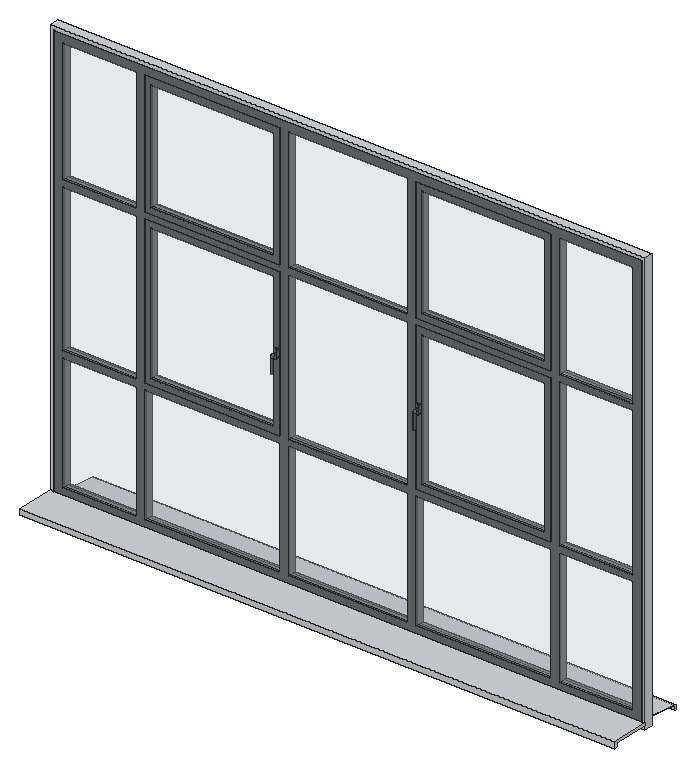
Revit family "AVLN_Окно_Две Фрамуга_5 створок", category Окна, Revit 2021
Family settings
  Основа = Стена
  Номер OmniClass = 23.30.20.00
  Заголовок OmniClass = Windows
  Всегда вертикально = Да
  При загрузке вырезать с полостями = Нет
  Общий = Нет
  Точка принадлежности помещению = Нет
Parameters (values of type "ОК-8 3450х4850")
  Ширина рамы = 70 mm
  Ширина импоста = 50 mm
  Четверть слева/справа = 50 mm
  Четверть низ = 0 mm  # constant formula
  Четверть верх = 50 mm
  Створка_снизу_высота = 950 mm
  Створка_центр_ширина = Width - ((Монтажный зазор * 2) + (Ширина рамы * 6) + Створка_слева_ширина + Створка_справа_ширина + Створка_лево центр_ширина + Створка_право центр_ширина)  # 970 mm
  Створка_сверху_высота = 1000 mm
  Рабочая зона = yes
  Определить тепловые свойства по = Тип схем
  Низ центр открывание = АВЛН_Створка открывная : Створка глухая
  Низ право центр открывание = АВЛН_Створка открывная : Створка глухая
  Низ право открывание = АВЛН_Створка открывная : Створка глухая
  Низ лево центр открывание = АВЛН_Створка открывная : Створка глухая
  Низ лево открывание = АВЛН_Створка открывная : Створка глухая
  Створка_толщина = 25 mm  # constant formula
  Толщина основы [instance] = 200 mm
  Створка_право центр_ширина = 1100 mm
  Створка_справа_ширина = 600 mm
  Створка_слева_ширина = 600 mm
  Створка_профиль = 50 mm
  Створка_лево центр_ширина = 1100 mm
  Створка_центр_высота = Height - (Створка_снизу_высота + Створка_сверху_высота + (Ширина рамы * 2) + Ширина импоста * 2 + (Монтажный зазор * 2))  # 1200 mm
  Центр центр открывание = АВЛН_Створка открывная : Створка глухая
  Центр право открывание = АВЛН_Створка открывная : Створка глухая
  Центр лево центр открывание = АВЛН_Створка открывная : Створка повороно-откидная левая
  Центр лево открывание = АВЛН_Створка открывная : Створка глухая
  Центр право центр открывание = АВЛН_Створка открывная : Створка повороно-откидная правая
  Rough Width = Width - Монтажный зазор * 2  # 4790 mm
  Rough Height = Height - Монтажный зазор * 2  # 3390 mm
  Подстановочный профиль_Ширина = 20 mm  # constant formula
  Подстановочный профиль_Толщина = 60 mm
  Подоконник_Толщина = 20 mm
  Подоконник_Длина = Width  # 4850 mm
  Подоконник_Глубина = 280 mm
  Подоконник = yes
  М.Заполнение нижней створки = ADSK_Стекло_Прозрачное бесцветное_закалённое
  Группа модели = "Окно"
  Глубина вставки = 0 mm
  Отлив_Толщина = 1 mm  # constant formula
  Отлив_Длина = Width - [Четверть слева/справа] * 2  # 4750 mm
  Отлив_Глубина = 280 mm
  Отлив = yes
  Откос_Н.Ширина = Width - 2 * [Четверть слева/справа]  # 4750 mm
  Откос_Н.Толщина.8 = 32 mm
  Откос_Н.Толщина.7 = 28 mm
  Откос_Н.Толщина.6 = 24 mm
  Откос_Н.Толщина.5 = 20 mm
  Откос_Н.Толщина.4 = 16 mm
  Откос_Н.Толщина.3 = 12 mm
  Откос_Н.Толщина.2 = 8 mm
  Откос_Н.Толщина.1 = 4 mm
  Откос_Н.Отступ_П = 0 mm  # constant formula
  Откос_Н.Отступ_Л = 0 mm  # constant formula
  Откос_Н.Количество слоев = 0
  Откос_Н.Глубина = 150 mm
  Откос_Н.Высота = Height - Четверть верх - Четверть низ  # 3400 mm
  Откос_В.Толщина.8 = 32 mm
  Откос_В.Толщина.7 = 28 mm
  Откос_В.Толщина.6 = 24 mm
  Откос_В.Толщина.5 = 20 mm
  Откос_В.Толщина.4 = 16 mm
  Откос_В.Толщина.3 = 12 mm
  Откос_В.Толщина.2 = 8 mm
  Откос_В.Толщина.1 = 4 mm
  Откос_В.Отступ_П [instance] = Монтажный зазор + Подоконник_Толщина  # 50 mm
  Откос_В.Отступ_Л [instance] = Монтажный зазор + Подоконник_Толщина  # 50 mm
  Откос_В.Количество слоев = 0
  Откос_В.Глубина [instance] = Толщина основы - Глубина вставки - Ширина рамы  # 130 mm
  Монтажный зазор = 30 mm
  М.Подоконник = none
  М.Отлив = none
  М.Откос_Н.8 = none
  М.Откос_Н.7 = none
  М.Откос_Н.6 = none
  М.Откос_Н.5 = none
  М.Откос_Н.4 = none
  М.Откос_Н.3 = none
  М.Откос_Н.2 = none
  М.Откос_Н.1 = ADSK_Кладка_Кирпич_Облицовочный_Керамический коричневый
  М.Откос_В.8 = none
  М.Откос_В.7 = none
  М.Откос_В.6 = none
  М.Откос_В.5 = none
  М.Откос_В.4 = none
  М.Откос_В.3 = none
  М.Откос_В.2 = none
  М.Откос_В.1 = Панель фиброцементная (RAL 7015)
  М.Монтажного зазора = none
  М.Стекла = ADSK_Стекло_Прозрачное бесцветное
  М.Рамы = RAL 7016
  М.Подоконный профиль = none
  Type Comments = ""
  Height = 3450 mm
  Высота подоконника по умолчанию = 800 mm
  Замыкание стены = По основе
  Width = 4850 mm
  Верху право центр открывание = АВЛН_Створка открывная : Створка откидная
  Верх центр открывание = АВЛН_Створка открывная : Створка глухая
  Верх право открывание = АВЛН_Створка открывная : Створка глухая
  Верх лево центр открывание = АВЛН_Створка открывная : Створка откидная
  Верх лево открывание = АВЛН_Створка открывная : Створка глухая
  Аналитическая конструкция = "<Нет>"
  АВЛН_Проем_Ширина [instance] = Width  # 4850 mm
  АВЛН_Проем_Высота [instance] = Height  # 3450 mm
  ADSK_Этаж [instance] = ""
  ADSK_Размер_Ширина = Width  # 4850 mm
  ADSK_Размер_Высота = Height  # 3450 mm
  ADSK_Примечание [instance] = ""
  ADSK_Обозначение = "ГОСТ 30674-99"
  ADSK_Номер секции [instance] = ""
  ADSK_Наименование = "ОП Б2 (4М1-12-4М1-12-И4)"
  ADSK_Марка = ""
  ADSK_Группирование = ""
  -----------Разрезка----------- = "-----------"  # constant formula
  -----------Профили----------- = "-----------"  # constant formula
  -----------Подоконник----------- = "-----------"  # constant formula
  -----------Отлив----------- = "-----------"  # constant formula
  -----------Откос----------- = "-----------"  # constant formula
  -----------Основные габариты----------- = "-----------"  # constant formula
  -----------Вставка----------- = "-----------"  # constant formula
Reference planes
  plane 1 "По центру (Вперед/Назад)": y = 0
  plane 2 "По центру (Влево/Вправо)": x = 0
  plane 3 "Слева": x = -2425
  plane 4 "Справа": x = 2425
  plane 5 "Подоконник": z = 800
  plane 6 "Заголовок": z = 4250
  plane 7 "Наружный": y = 100
  plane 8 "Внутренние": y = -100
  plane 9 "Окно": y = 100
  plane 10: x = 2395
  plane 11: z = 4220
  plane 12: x = -2395
  plane 13: z = 830
  plane 14: x = 2375
  plane 15: x = -2375
  plane 16: z = 2525
  plane 17: y = 600
  plane 18: y = -400
  plane 19: z = 4200
  plane 20 "Чет. низ": z = 800
  plane 21 "Внутренняя грань": y = 30
  plane 22: y = 80
  plane 23 "Импост верх": z = 1900
  plane 24 "Импост низ": z = 1850
  plane 25: z = 900
  plane 26: z = 4150
  plane 27: x = -2325
  plane 28: x = 2325
  plane 29 "4": z = 1875
  plane 30 "5": x = -1725
  plane 31 "6": x = -1655
  plane 32 "7": x = 1655
  plane 33 "8": x = 1725
  plane 34 "9": x = -520
  plane 35 "10": x = 2025
  plane 36 "11": x = -2025
  plane 37 "12": z = 2500
  plane 38 "13": x = -1105
  plane 39 "14": x = 1105
  plane 40 "15": x = -555
  plane 41 "16": x = -485
  plane 42: z = 1375
  plane 43 "18": x = 520
  plane 44 "19": x = 485
  plane 45 "20": x = 555
  plane 46 "0": x = 0
  plane 47 "1": z = 3150
  plane 48 "2": z = 3100
  plane 49 "3": z = 3125
  plane 50 "17": z = 3650
  plane 51: y = -1070
Forms (mm)
  Extrusion 1, void
    sketch origin (0, 100, 0) x (1, 0, 0) y (0, 0, 1)
      loop
        line (2375, 4200) -> (-2375, 4200) -> (-2375, 800) -> (2375, 800) -> (2375, 4200)
    from -500 to 20
  Extrusion 2, void
    sketch origin (0, 100, 0) x (1, 0, 0) y (0, 0, 1)
      loop
        line (2425, 4250) -> (-2425, 4250) -> (-2425, 800) -> (2425, 800) -> (2425, 4250)
    from 0 to 500
  Extrusion 3, solid, material <- "М.Монтажного зазора", detail levels medium+fine
    sketch origin (0, 100, 0) x (1, 0, 0) y (0, 0, 1)
      loop
        line (2425, 4250) -> (-2425, 4250) -> (-2425, 800) -> (2425, 800) -> (2425, 4250)
      loop
        line (-2395, 4220) -> (-2395, 830) -> (2395, 830) -> (2395, 4220) -> (-2395, 4220)
    from 0 to 70
  Extrusion 4, solid, material "RAL 7016" <- "М.Рамы", detail levels medium+fine
    sketch origin (0, 100, 0) x (-1, 0, 0) y (0, 0, 1)
      loop
        line (-2395, 4220) -> (-2395, 830) -> (2395, 830) -> (2395, 4220) -> (-2395, 4220)
      loop
        line (1655, 900) -> (1655, 1850) -> (555, 1850) -> (555, 900) -> (1655, 900)
      loop
        line (-1655, 900) -> (-555, 900) -> (-555, 1850) -> (-1655, 1850) -> (-1655, 900)
      loop
        line (-1725, 4150) -> (-2325, 4150) -> (-2325, 3150) -> (-1725, 3150) -> (-1725, 4150)
      loop
        line (-1725, 900) -> (-1725, 1850) -> (-2325, 1850) -> (-2325, 900) -> (-1725, 900)
      loop
        line (1655, 1900) -> (1655, 3100) -> (555, 3100) -> (555, 1900) -> (1655, 1900)
      loop
        line (-1725, 1900) -> (-1725, 3100) -> (-2325, 3100) -> (-2325, 1900) -> (-1725, 1900)
      loop
        line (-1655, 1900) -> (-555, 1900) -> (-555, 3100) -> (-1655, 3100) -> (-1655, 1900)
      loop
        line (1655, 4150) -> (555, 4150) -> (555, 3150) -> (1655, 3150) -> (1655, 4150)
      loop
        line (485, 1900) -> (485, 3100) -> (-485, 3100) -> (-485, 1900) -> (485, 1900)
      loop
        line (485, 1850) -> (-485, 1850) -> (-485, 900) -> (485, 900) -> (485, 1850)
      loop
        line (485, 4150) -> (-485, 4150) -> (-485, 3150) -> (485, 3150) -> (485, 4150)
      loop
        line (1725, 4150) -> (1725, 3150) -> (2325, 3150) -> (2325, 4150) -> (1725, 4150)
      loop
        line (1725, 1900) -> (2325, 1900) -> (2325, 3100) -> (1725, 3100) -> (1725, 1900)
      loop
        line (1725, 1850) -> (1725, 900) -> (2325, 900) -> (2325, 1850) -> (1725, 1850)
      loop
        line (-555, 4150) -> (-1655, 4150) -> (-1655, 3150) -> (-555, 3150) -> (-555, 4150)
    from -70 to 0
Lines and regions (mm)
  reference lines
    curve 1: line (-2425, -100, 1875) -> (2425, -100, 1875)
    curve 2: line (-1690, -100, 4250) -> (-1690, -100, 800)
    curve 3: line (1690, -100, 4250) -> (1690, -100, 800)
    curve 4: line (-520, -100, 4250) -> (-520, -100, 800)
    curve 5: line (-2425, -100, 3125) -> (2425, -100, 3125)
  model lines, style "Рабочая зона", visible <- "Рабочая зона"
    curve 6: line (-2425, -1070, 800) -> (2425, -1070, 800)
    curve 7: line (-2425, 30, 800) -> (-2425, -1070, 800)
    curve 8: line (2425, 30, 800) -> (2425, -1070, 800)
Text (mm)
  text "EXTERIOR" at (-1963.203, 1332.353, 0), in view "Опорный уровень"
  text "INTERIOR" at (-1981.466, -818.386, 0), in view "Опорный уровень"
  text "Наружный" at (0, 923.751, 2943.296), in view "Справа"
  text "Наружный" at (0, 1240.237, 2685.409), in view "Слева"
Dimensions and locks
  equal spacing: plane 3 "Слева", plane 2 "По центру (Влево/Вправо)", plane 4 "Справа"
  "Width": plane 3 "Слева" to plane 4 "Справа"
  "Height": plane 5 "Подоконник" to plane 6 "Заголовок"
  "Высота подоконника по умолчанию": plane 5 "Подоконник" to level
  locked: plane 7 "Наружный" to host wall
  locked: plane 8 "Внутренние" to host wall
  "Глубина вставки": plane 9 "Окно" to plane 7 "Наружный"
  "Монтажный зазор": plane 10 to plane 4 "Справа"
  "Монтажный зазор": plane 3 "Слева" to plane 12
  "Монтажный зазор": plane 11 to plane 6 "Заголовок"
  "Монтажный зазор": plane 5 "Подоконник" to plane 13
  "Четверть слева/справа": plane 14 to plane 4 "Справа"
  "Четверть слева/справа": plane 3 "Слева" to plane 15
  equal spacing: plane 5 "Подоконник", plane 16, plane 6 "Заголовок"
  locked: plane 7 "Наружный" to plane 17 at 500
  locked: plane 18 to plane 8 "Внутренние" at 300
  "Четверть верх": plane 19 to plane 6 "Заголовок"
  "Четверть низ": plane 5 "Подоконник" to plane 20 "Чет. низ"
  "Ширина рамы": plane 9 "Окно" to plane 21 "Внутренняя грань"
  "Толщина основы": host wall to host wall
  locked: plane 22 to plane 21 "Внутренняя грань" at 50
  "Ширина импоста": plane 24 "Импост низ" to plane 23 "Импост верх"
  "Ширина рамы": plane 28 to plane 10
  "Ширина рамы": plane 12 to plane 27
  "Ширина рамы": plane 13 to plane 25
  "Ширина рамы": plane 26 to plane 11
  plane 23 "Импост верх" to plane 26 = 2250 mm
  "Створка_снизу_высота": plane 25 to plane 24 "Импост низ"
  equal spacing: plane 23 "Импост верх", plane 29 "4", plane 24 "Импост низ"
  "Створка_слева_ширина": plane 27 to plane 30 "5"
  "Ширина рамы": plane 30 "5" to plane 31 "6"
  "Ширина рамы": plane 32 "7" to plane 33 "8"
  "Створка_справа_ширина": plane 33 "8" to plane 28
  equal spacing: plane 32 "7", curve 3, plane 33 "8"
  equal spacing: plane 30 "5", curve 2, plane 31 "6"
  equal spacing: plane 33 "8", plane 35 "10", plane 28
  equal spacing: plane 27, plane 36 "11", plane 30 "5"
  equal spacing: plane 48 "2", plane 37 "12", plane 23 "Импост верх"
  equal spacing: plane 40 "15", plane 34 "9", plane 41 "16"
  "Ширина рамы": plane 40 "15" to plane 41 "16"
  equal spacing: plane 31 "6", plane 38 "13", plane 40 "15"
  equal spacing: plane 45 "20", plane 39 "14", plane 32 "7"
  equal spacing: plane 24 "Импост низ", plane 42, plane 25
  equal spacing: plane 44 "19", plane 43 "18", plane 45 "20"
  "Ширина рамы": plane 44 "19" to plane 45 "20"
  equal spacing: plane 41 "16", plane 46 "0", plane 44 "19"
  "Створка_лево центр_ширина": plane 31 "6" to plane 40 "15"
  "Створка_право центр_ширина": plane 45 "20" to plane 32 "7"
  "Ширина импоста": plane 48 "2" to plane 47 "1"
  equal spacing: plane 47 "1", plane 49 "3", plane 48 "2"
  equal spacing: plane 26, plane 50 "17", plane 47 "1"
  "Створка_сверху_высота": plane 26 to plane 47 "1"
  "Створка_право центр_ширина": plane 21 "Внутренняя грань" to plane 51
  aligned and locked: Extrusion 1 sketch curve to plane 14
  aligned and locked: Extrusion 1 sketch curve to plane 15
  aligned and locked: Extrusion 1 to plane 17
  aligned and locked: Extrusion 2 sketch curve to plane 6 "Заголовок"
  aligned and locked: Extrusion 2 sketch curve to plane 4 "Справа"
  aligned and locked: Extrusion 2 sketch curve to plane 5 "Подоконник"
  aligned and locked: Extrusion 2 sketch curve to plane 3 "Слева"
  aligned and locked: Extrusion 2 to plane 9 "Окно"
  aligned and locked: Extrusion 2 to plane 18
  aligned and locked: Extrusion 1 sketch curve to plane 19
  aligned and locked: Extrusion 1 sketch curve to plane 20 "Чет. низ"
  aligned and locked: plane 9 "Окно" to nested 1
  aligned and locked: plane 2 "По центру (Влево/Вправо)" to nested 1
  aligned and locked: nested 2 to plane 21 "Внутренняя грань"
  aligned and locked: nested 2 to plane 2 "По центру (Влево/Вправо)"
  aligned and locked: nested 3 to plane 2 "По центру (Влево/Вправо)"
  aligned and locked: nested 3 to plane 8 "Внутренние"
  aligned and locked: nested 4 to plane 9 "Окно"
  aligned and locked: Extrusion 3 sketch curve to plane 6 "Заголовок"
  aligned and locked: Extrusion 3 sketch curve to plane 4 "Справа"
  aligned and locked: Extrusion 3 sketch curve to nested 2  (x2)
  aligned and locked: Extrusion 3 sketch curve to plane 11
  aligned and locked: Extrusion 3 sketch curve to plane 12
  aligned and locked: Extrusion 3 sketch curve to plane 13
  aligned and locked: Extrusion 3 sketch curve to plane 10
  aligned and locked: Extrusion 3 to nested 2
  aligned and locked: nested 4 to plane 20 "Чет. низ"
  aligned and locked: nested 4 to plane 2 "По центру (Влево/Вправо)"
  aligned and locked: Extrusion 3 to plane 9 "Окно"
  aligned and locked: Extrusion 4 to plane 21 "Внутренняя грань"
  aligned and locked: Extrusion 4 to plane 9 "Окно"
  aligned and locked: Extrusion 1 to plane 22
  aligned and locked: curve 1 to plane 29 "4"
  aligned and locked: plane 3 "Слева" to curve 1
  aligned and locked: plane 4 "Справа" to curve 1
  aligned and locked: plane 6 "Заголовок" to curve 2
  aligned and locked: plane 6 "Заголовок" to curve 3
  aligned and locked: plane 5 "Подоконник" to curve 3
  aligned and locked: plane 5 "Подоконник" to curve 2
  aligned and locked: curve 4 to plane 34 "9"
  aligned and locked: plane 35 "10" to nested 6
  aligned and locked: nested 6 to plane 37 "12"
  aligned and locked: plane 39 "14" to nested 8
  aligned and locked: nested 8 to plane 37 "12"
  aligned and locked: plane 37 "12" to nested 7
  aligned and locked: plane 37 "12" to nested 5
  aligned and locked: plane 36 "11" to nested 5
  aligned and locked: plane 38 "13" to nested 7
  aligned and locked: plane 42 to nested 9
  aligned and locked: plane 36 "11" to nested 9
  aligned and locked: plane 42 to nested 10
  aligned and locked: plane 38 "13" to nested 10
  aligned and locked: nested 11 to plane 42
  aligned and locked: plane 39 "14" to nested 11
  aligned and locked: nested 12 to plane 42
  aligned and locked: plane 35 "10" to nested 12
  aligned and locked: Extrusion 4 sketch curve to plane 10
  aligned and locked: Extrusion 4 sketch curve to plane 13
  aligned and locked: Extrusion 4 sketch curve to plane 12
  aligned and locked: Extrusion 4 sketch curve to plane 11
  aligned and locked: Extrusion 4 sketch curve to plane 25  (x3)
  aligned and locked: plane 25 to Extrusion 4 sketch curve
  aligned and locked: plane 24 "Импост низ" to Extrusion 4 sketch curve  (x3)
  aligned and locked: Extrusion 4 sketch curve to plane 24 "Импост низ"
  aligned and locked: plane 23 "Импост верх" to Extrusion 4 sketch curve  (x2)
  aligned and locked: Extrusion 4 sketch curve to plane 23 "Импост верх"  (x2)
  aligned and locked: plane 26 to Extrusion 4 sketch curve  (x3)
  aligned and locked: Extrusion 4 sketch curve to plane 26
  aligned and locked: Extrusion 4 sketch curve to plane 28  (x2)
  aligned and locked: plane 33 "8" to Extrusion 4 sketch curve  (x2)
  aligned and locked: plane 32 "7" to Extrusion 4 sketch curve  (x2)
  aligned and locked: Extrusion 4 sketch curve to plane 41 "16"
  aligned and locked: plane 41 "16" to Extrusion 4 sketch curve
  aligned and locked: Extrusion 4 sketch curve to plane 40 "15"  (x2)
  aligned and locked: plane 31 "6" to Extrusion 4 sketch curve  (x2)
  aligned and locked: plane 30 "5" to Extrusion 4 sketch curve  (x2)
  aligned and locked: Extrusion 4 sketch curve to plane 27  (x2)
  aligned and locked: plane 37 "12" to nested 13
  aligned and locked: plane 42 to nested 14
  aligned and locked: plane 46 "0" to nested 13
  aligned and locked: plane 46 "0" to nested 14
  aligned and locked: plane 45 "20" to Extrusion 4 sketch curve
  aligned and locked: plane 44 "19" to Extrusion 4 sketch curve
  aligned and locked: Extrusion 4 sketch curve to plane 45 "20"
  aligned and locked: Extrusion 4 sketch curve to plane 44 "19"
  aligned and locked: curve 5 to plane 49 "3"
  aligned and locked: Extrusion 4 sketch curve to plane 47 "1"  (x4)
  aligned and locked: Extrusion 4 sketch curve to plane 48 "2"  (x4)
  aligned and locked: plane 47 "1" to Extrusion 4 sketch curve
  aligned and locked: plane 48 "2" to Extrusion 4 sketch curve
  aligned and locked: nested 15 to plane 36 "11"
  aligned and locked: nested 17 to plane 38 "13"
  aligned and locked: nested 19 to plane 46 "0"
  aligned and locked: nested 18 to plane 39 "14"
  aligned and locked: nested 16 to plane 35 "10"
  aligned and locked: nested 16 to plane 50 "17"
  aligned and locked: plane 50 "17" to nested 15
  aligned and locked: plane 50 "17" to nested 17
  aligned and locked: plane 50 "17" to nested 19
  aligned and locked: nested 18 to plane 50 "17"
  aligned and locked: plane 3 "Слева" to curve 7
  aligned and locked: plane 4 "Справа" to curve 8
  aligned and locked: curve 6 to plane 51
Automatic sketch dimensions
  plane 3 "Слева" to curve 5 = 0 mm
  plane 4 "Справа" to curve 5 = 0 mm
  curve 4 to plane 5 "Подоконник" = 0 mm
  curve 4 to plane 6 "Заголовок" = 0 mm
  Extrusion 4 sketch curve to plane 25 = 0 mm
  Extrusion 4 sketch curve to plane 24 "Импост низ" = 0 mm
  Extrusion 4 sketch curve to plane 23 "Импост верх" = 0 mm
  Extrusion 4 sketch curve to plane 26 = 0 mm
  plane 28 to Extrusion 4 sketch curve = 0 mm
  Extrusion 4 sketch curve to plane 32 "7" = 0 mm
  plane 44 "19" to Extrusion 4 sketch curve = 0 mm
  Extrusion 4 sketch curve to plane 41 "16" = 0 mm
  plane 30 "5" to Extrusion 4 sketch curve = 0 mm
  Extrusion 4 sketch curve to plane 27 = 0 mm
  plane 45 "20" to Extrusion 4 sketch curve = 0 mm
  plane 33 "8" to Extrusion 4 sketch curve = 0 mm
  plane 40 "15" to Extrusion 4 sketch curve = 0 mm
  plane 31 "6" to Extrusion 4 sketch curve = 0 mm
  curve 7 to plane 21 "Внутренняя грань" = 0 mm
  curve 8 to plane 21 "Внутренняя грань" = 0 mm
Nested families
  nested 1: "Отлив" at (0, 100, 800) x (-1, 0, 0) z (0, 0, 1), Глубина отлива <- "Отлив_Глубина", Длина отлива <- "Отлив_Длина", ТО <- "Отлив_Толщина", Ш_МЗЗ <- "Монтажный зазор", Ш_ПП <- "Подстановочный профиль_Ширина", ADSK_Группирование <- "ADSK_Группирование", ADSK_Номер секции <- "ADSK_Номер секции", ADSK_Этаж <- "ADSK_Этаж", visible <- "Отлив", М <- "М.Отлив", type "Отлив", detail levels fine
    with Ш_ПП 20 mm, Ш_МЗЗ 30 mm, ТО 1 mm, М none, Длина отлива 4750 mm, Глубина отлива 280 mm, ADSK_Этаж "", ADSK_Примечание "", ADSK_Обозначение "", ADSK_Номер секции "", ADSK_Наименование "", ADSK_Марка "", ADSK_Группирование ""
  nested 2: "Подоконник" at (0, 30, 800), Глубина подоконника <- "Подоконник_Глубина", Длина отлива <- "Подоконник_Длина", ТП <- "Подоконник_Толщина", Ш_МЗЗ <- "Монтажный зазор", Ш_ПП <- "Подстановочный профиль_Ширина", ADSK_Группирование <- "ADSK_Группирование", ADSK_Этаж <- "ADSK_Этаж", visible <- "Подоконник", М <- "М.Подоконник", type "Подоконник", detail levels fine
    with Ш_ПП 20 mm, Ш_МЗЗ 30 mm, ТП 20 mm, М none, Длина отлива 4850 mm, Глубина подоконника 280 mm, ADSK_Этаж "", ADSK_Размер_Длина 4850 mm, ADSK_Размер_Глубина 280 mm, ADSK_Номер секции "", ADSK_Марка "", ADSK_Группирование ""
  nested 3: "AVLN_Откосы_R19" at (0, -100, 0), Глубина <- "Откос_В.Глубина", Высота от уровня <- "Высота подоконника по умолчанию", ADSK_Группирование <- "Type Comments", ADSK_Этаж <- "ADSK_Этаж", ADSK_Номер секции <- "ADSK_Номер секции", Материал_1 <- "М.Откос_В.1", Материал_2 <- "М.Откос_В.2", Материал_3 <- "М.Откос_В.3", Материал_4 <- "М.Откос_В.4", Материал_5 <- "М.Откос_В.5", Материал_6 <- "М.Откос_В.6", Материал_7 <- "М.Откос_В.7", Материал_8 <- "М.Откос_В.8", Толщина_1 <- "Откос_В.Толщина.1", Толщина_2 <- "Откос_В.Толщина.2", Толщина_3 <- "Откос_В.Толщина.3", Толщина_4 <- "Откос_В.Толщина.4", Толщина_5 <- "Откос_В.Толщина.5", Толщина_6 <- "Откос_В.Толщина.6", Толщина_7 <- "Откос_В.Толщина.7", Толщина_8 <- "Откос_В.Толщина.8", Количество слоев <- "Откос_В.Количество слоев", Отступ_Л <- "Откос_В.Отступ_Л", Отступ_П <- "Откос_В.Отступ_П", Высота <- "Height", Ширина <- "Width", type "AVLN_Откосы_R19"
    with Ширина_8 4626 mm, Ширина_7 4682 mm, Ширина_6 4730 mm, Ширина_5 4770 mm, Ширина_4 4802 mm, Ширина_3 4826 mm, Ширина_2 4842 mm, Ширина 4850 mm, Толщина_8 32 mm, Толщина_7 28 mm, Толщина_6 24 mm, Толщина_5 20 mm, Толщина_4 16 mm, Толщина_3 12 mm, Толщина_2 8 mm, Толщина_1 4 mm, Отступ_П 50 mm, Отступ_Л 50 mm, Материал_8 none, Материал_7 none, Материал_6 none, Материал_5 none, Материал_4 none, Материал_3 none, Материал_2 none, Материал_1 Панель фиброцементная (RAL 7015), Количество слоев 0, Глубина 130 mm, Высота_8 3338 mm, Высота_7 3366 mm, Высота_6 3390 mm, Высота_5 3410 mm, Высота_4 3426 mm, Высота_3 3438 mm, Высота_2 3446 mm, Высота от уровня 800 mm, Высота 3450 mm, Видимость_8 no, Видимость_7 no, Видимость_6 no, Видимость_5 no, Видимость_4 no, Видимость_3 no, Видимость_2 no, Видимость_1 no, ADSK_Этаж "", ADSK_Номер секции "", ADSK_Группирование ""
  nested 4: "AVLN_Откосы_R19" at (0, 100, 0), Ширина <- "Откос_Н.Ширина", Глубина <- "Откос_Н.Глубина", Высота <- "Откос_Н.Высота", Высота от уровня <- "Высота подоконника по умолчанию", ADSK_Группирование <- "Type Comments", ADSK_Этаж <- "ADSK_Этаж", ADSK_Номер секции <- "ADSK_Номер секции", Материал_1 <- "М.Откос_Н.1", Материал_2 <- "М.Откос_Н.2", Материал_3 <- "М.Откос_Н.3", Материал_4 <- "М.Откос_Н.4", Материал_5 <- "М.Откос_Н.5", Материал_6 <- "М.Откос_Н.6", Материал_7 <- "М.Откос_Н.7", Материал_8 <- "М.Откос_Н.8", Толщина_1 <- "Откос_Н.Толщина.1", Толщина_2 <- "Откос_Н.Толщина.2", Толщина_3 <- "Откос_Н.Толщина.3", Толщина_4 <- "Откос_Н.Толщина.4", Толщина_5 <- "Откос_Н.Толщина.5", Толщина_6 <- "Откос_Н.Толщина.6", Толщина_7 <- "Откос_Н.Толщина.7", Толщина_8 <- "Откос_Н.Толщина.8", Количество слоев <- "Откос_Н.Количество слоев", Отступ_Л <- "Откос_Н.Отступ_Л", Отступ_П <- "Откос_Н.Отступ_П", type "AVLN_Откосы_R19"
    with Ширина_8 4526 mm, Ширина_7 4582 mm, Ширина_6 4630 mm, Ширина_5 4670 mm, Ширина_4 4702 mm, Ширина_3 4726 mm, Ширина_2 4742 mm, Ширина 4750 mm, Толщина_8 32 mm, Толщина_7 28 mm, Толщина_6 24 mm, Толщина_5 20 mm, Толщина_4 16 mm, Толщина_3 12 mm, Толщина_2 8 mm, Толщина_1 4 mm, Отступ_П 0 mm, Отступ_Л 0 mm, Материал_8 none, Материал_7 none, Материал_6 none, Материал_5 none, Материал_4 none, Материал_3 none, Материал_2 none, Материал_1 ADSK_Кладка_Кирпич_Облицовочный_Керамический коричневый, Количество слоев 0, Глубина 150 mm, Высота_8 3288 mm, Высота_7 3316 mm, Высота_6 3340 mm, Высота_5 3360 mm, Высота_4 3376 mm, Высота_3 3388 mm, Высота_2 3396 mm, Высота от уровня 800 mm, Высота 3400 mm, Видимость_8 no, Видимость_7 no, Видимость_6 no, Видимость_5 no, Видимость_4 no, Видимость_3 no, Видимость_2 no, Видимость_1 no, ADSK_Этаж "", ADSK_Номер секции "", ADSK_Группирование ""
  nested 5: "АВЛН_Створка открывная" at (-2025, 30, 2500) x (1, 0, 0) z (0, 1, 0), type <- "Центр лево открывание", Створка высота <- "Створка_центр_высота", Створка ширина <- "Створка_слева_ширина", Ширина рамы <- "Створка_профиль", Материал_Стеклопакет <- "М.Стекла", Материал_Рама <- "М.Рамы", Материал_Ручки <- "М.Рамы", type "Створка глухая", detail levels medium+fine
    with Ширина рамы 50 mm, Створка ширина 600 mm, Створка высота 1200 mm, Материал_Стеклопакет ADSK_Стекло_Прозрачное бесцветное, Материал_Ручки RAL 7016, Материал_Рама RAL 7016, Height 1200 mm
  nested 6: "АВЛН_Створка открывная" at (2025, 30, 2500) x (1, 0, 0) z (0, 1, 0), type <- "Центр право открывание", Створка высота <- "Створка_центр_высота", Створка ширина <- "Створка_справа_ширина", Ширина рамы <- "Створка_профиль", Материал_Стеклопакет <- "М.Стекла", Материал_Рама <- "М.Рамы", Материал_Ручки <- "М.Рамы", type "Створка глухая", detail levels medium+fine
    with Ширина рамы 50 mm, Створка ширина 600 mm, Створка высота 1200 mm, Материал_Стеклопакет ADSK_Стекло_Прозрачное бесцветное, Материал_Ручки RAL 7016, Материал_Рама RAL 7016, Height 1200 mm
  nested 7: "АВЛН_Створка открывная" at (-1105, 30, 2500) x (1, 0, 0) z (0, 1, 0), Створка высота <- "Створка_центр_высота", Створка ширина <- "Створка_лево центр_ширина", Ширина рамы <- "Створка_профиль", type <- "Центр лево центр открывание", Материал_Стеклопакет <- "М.Стекла", Материал_Рама <- "М.Рамы", Материал_Ручки <- "М.Рамы", type "Створка повороно-откидная левая", detail levels medium+fine
    with Ширина рамы 50 mm, Створка ширина 1100 mm, Створка высота 1200 mm, Материал_Стеклопакет ADSK_Стекло_Прозрачное бесцветное, Материал_Ручки RAL 7016, Материал_Рама RAL 7016, Height 1200 mm
  nested 8: "АВЛН_Створка открывная" at (1105, 30, 2500) x (1, 0, 0) z (0, 1, 0), Створка высота <- "Створка_центр_высота", Створка ширина <- "Створка_право центр_ширина", Ширина рамы <- "Створка_профиль", type <- "Центр право центр открывание", Материал_Стеклопакет <- "М.Стекла", Материал_Рама <- "М.Рамы", Материал_Ручки <- "М.Рамы", type "Створка повороно-откидная правая", detail levels medium+fine
    with Ширина рамы 50 mm, Створка ширина 1100 mm, Створка высота 1200 mm, Материал_Стеклопакет ADSK_Стекло_Прозрачное бесцветное, Материал_Ручки RAL 7016, Материал_Рама RAL 7016, Height 1200 mm
  nested 9: "АВЛН_Створка открывная" at (-2025, 30, 1375) x (1, 0, 0) z (0, 1, 0), Створка высота <- "Створка_снизу_высота", Створка ширина <- "Створка_слева_ширина", Ширина рамы <- "Створка_профиль", type <- "Низ лево открывание", Материал_Стеклопакет <- "М.Заполнение нижней створки", Материал_Рама <- "М.Рамы", Материал_Ручки <- "М.Рамы", type "Створка глухая", detail levels medium+fine
    with Ширина рамы 50 mm, Створка ширина 600 mm, Створка высота 950 mm, Материал_Стеклопакет ADSK_Стекло_Прозрачное бесцветное_закалённое, Материал_Ручки RAL 7016, Материал_Рама RAL 7016, Height 1200 mm
  nested 10: "АВЛН_Створка открывная" at (-1105, 30, 1375) x (1, 0, 0) z (0, 1, 0), Створка высота <- "Створка_снизу_высота", Створка ширина <- "Створка_лево центр_ширина", Ширина рамы <- "Створка_профиль", type <- "Низ лево центр открывание", Материал_Стеклопакет <- "М.Заполнение нижней створки", Материал_Рама <- "М.Рамы", Материал_Ручки <- "М.Рамы", type "Створка глухая", detail levels medium+fine
    with Ширина рамы 50 mm, Створка ширина 1100 mm, Створка высота 950 mm, Материал_Стеклопакет ADSK_Стекло_Прозрачное бесцветное_закалённое, Материал_Ручки RAL 7016, Материал_Рама RAL 7016, Height 1200 mm
  nested 11: "АВЛН_Створка открывная" at (1105, 30, 1375) x (1, 0, 0) z (0, 1, 0), Створка высота <- "Створка_снизу_высота", Створка ширина <- "Створка_право центр_ширина", Ширина рамы <- "Створка_профиль", type <- "Низ право центр открывание", Материал_Стеклопакет <- "М.Заполнение нижней створки", Материал_Рама <- "М.Рамы", Материал_Ручки <- "М.Рамы", type "Створка глухая", detail levels medium+fine
    with Ширина рамы 50 mm, Створка ширина 1100 mm, Створка высота 950 mm, Материал_Стеклопакет ADSK_Стекло_Прозрачное бесцветное_закалённое, Материал_Ручки RAL 7016, Материал_Рама RAL 7016, Height 1200 mm
  nested 12: "АВЛН_Створка открывная" at (2025, 30, 1375) x (1, 0, 0) z (0, 1, 0), type <- "Низ право открывание", Створка высота <- "Створка_снизу_высота", Створка ширина <- "Створка_справа_ширина", Ширина рамы <- "Створка_профиль", Материал_Стеклопакет <- "М.Заполнение нижней створки", Материал_Рама <- "М.Рамы", Материал_Ручки <- "М.Рамы", type "Створка глухая", detail levels medium+fine
    with Ширина рамы 50 mm, Створка ширина 600 mm, Створка высота 950 mm, Материал_Стеклопакет ADSK_Стекло_Прозрачное бесцветное_закалённое, Материал_Ручки RAL 7016, Материал_Рама RAL 7016, Height 1200 mm
  nested 13: "АВЛН_Створка открывная" at (0, 30, 2500) x (1, 0, 0) z (0, 1, 0), Створка высота <- "Створка_центр_высота", Створка ширина <- "Створка_центр_ширина", Ширина рамы <- "Створка_профиль", type <- "Центр центр открывание", Материал_Стеклопакет <- "М.Стекла", Материал_Рама <- "М.Рамы", Материал_Ручки <- "М.Рамы", type "Створка глухая", detail levels medium+fine
    with Ширина рамы 50 mm, Створка ширина 970 mm, Створка высота 1200 mm, Материал_Стеклопакет ADSK_Стекло_Прозрачное бесцветное, Материал_Ручки RAL 7016, Материал_Рама RAL 7016, Height 1200 mm
  nested 14: "АВЛН_Створка открывная" at (0, 30, 1375) x (1, 0, 0) z (0, 1, 0), Створка высота <- "Створка_снизу_высота", Створка ширина <- "Створка_центр_ширина", Ширина рамы <- "Створка_профиль", type <- "Низ центр открывание", Материал_Стеклопакет <- "М.Заполнение нижней створки", Материал_Рама <- "М.Рамы", Материал_Ручки <- "М.Рамы", type "Створка глухая", detail levels medium+fine
    with Ширина рамы 50 mm, Створка ширина 970 mm, Створка высота 950 mm, Материал_Стеклопакет ADSK_Стекло_Прозрачное бесцветное_закалённое, Материал_Ручки RAL 7016, Материал_Рама RAL 7016, Height 1200 mm
  nested 15: "АВЛН_Створка открывная" at (-2025, 30, 3650) x (1, 0, 0) z (0, 1, 0), type <- "Верх лево открывание", Створка высота <- "Створка_сверху_высота", Створка ширина <- "Створка_слева_ширина", Ширина рамы <- "Створка_профиль", Материал_Стеклопакет <- "М.Стекла", Материал_Рама <- "М.Рамы", Материал_Ручки <- "М.Рамы", type "Створка глухая", detail levels medium+fine
    with Ширина рамы 50 mm, Створка ширина 600 mm, Створка высота 1000 mm, Материал_Стеклопакет ADSK_Стекло_Прозрачное бесцветное, Материал_Ручки RAL 7016, Материал_Рама RAL 7016, Height 1200 mm
  nested 16: "АВЛН_Створка открывная" at (2025, 30, 3650) x (1, 0, 0) z (0, 1, 0), type <- "Верх право открывание", Створка высота <- "Створка_сверху_высота", Створка ширина <- "Створка_справа_ширина", Ширина рамы <- "Створка_профиль", Материал_Стеклопакет <- "М.Стекла", Материал_Рама <- "М.Рамы", Материал_Ручки <- "М.Рамы", type "Створка глухая", detail levels medium+fine
    with Ширина рамы 50 mm, Створка ширина 600 mm, Створка высота 1000 mm, Материал_Стеклопакет ADSK_Стекло_Прозрачное бесцветное, Материал_Ручки RAL 7016, Материал_Рама RAL 7016, Height 1200 mm
  nested 17: "АВЛН_Створка открывная" at (-1105, 30, 3650) x (1, 0, 0) z (0, 1, 0), Створка высота <- "Створка_сверху_высота", Створка ширина <- "Створка_лево центр_ширина", Ширина рамы <- "Створка_профиль", type <- "Верх лево центр открывание", Материал_Стеклопакет <- "М.Стекла", Материал_Рама <- "М.Рамы", Материал_Ручки <- "М.Рамы", type "Створка откидная", detail levels medium+fine
    with Ширина рамы 50 mm, Створка ширина 1100 mm, Створка высота 1000 mm, Материал_Стеклопакет ADSK_Стекло_Прозрачное бесцветное, Материал_Ручки RAL 7016, Материал_Рама RAL 7016, Height 1200 mm
  nested 18: "АВЛН_Створка открывная" at (1105, 30, 3650) x (1, 0, 0) z (0, 1, 0), Створка высота <- "Створка_сверху_высота", Створка ширина <- "Створка_право центр_ширина", Ширина рамы <- "Створка_профиль", type <- "Верху право центр открывание", Материал_Стеклопакет <- "М.Стекла", Материал_Рама <- "М.Рамы", Материал_Ручки <- "М.Рамы", type "Створка откидная", detail levels medium+fine
    with Ширина рамы 50 mm, Створка ширина 1100 mm, Створка высота 1000 mm, Материал_Стеклопакет ADSK_Стекло_Прозрачное бесцветное, Материал_Ручки RAL 7016, Материал_Рама RAL 7016, Height 1200 mm
  nested 19: "АВЛН_Створка открывная" at (0, 30, 3650) x (1, 0, 0) z (0, 1, 0), Створка высота <- "Створка_сверху_высота", Створка ширина <- "Створка_центр_ширина", Ширина рамы <- "Створка_профиль", type <- "Верх центр открывание", Материал_Стеклопакет <- "М.Стекла", Материал_Рама <- "М.Рамы", Материал_Ручки <- "М.Рамы", type "Створка глухая", detail levels medium+fine
    with Ширина рамы 50 mm, Створка ширина 970 mm, Створка высота 1000 mm, Материал_Стеклопакет ADSK_Стекло_Прозрачное бесцветное, Материал_Ручки RAL 7016, Материал_Рама RAL 7016, Height 1200 mm
Definition of nested family "Отлив"
  Parameters (values of type "Отлив")
    Ш_ПП [instance] = 50 mm
    Ш_МЗЗ [instance] = 35 mm
    ТО [instance] = 1 mm
    Default Elevation = 1219.2 mm
    М [instance] = none
    Длина отлива [instance] = 1560 mm
    Глубина отлива [instance] = 280 mm
    ADSK_Этаж [instance] = ""
    ADSK_Примечание [instance] = ""
    ADSK_Обозначение [instance] = ""
    ADSK_Номер секции [instance] = ""
    ADSK_Наименование [instance] = ""
    ADSK_Марка [instance] = ""
    ADSK_Группирование [instance] = ""
  Reference planes
    plane 1 "По центру (Вперед/Назад)": y = 0
    plane 2: z = 0
    plane 3 "По центру (Влево/Вправо)": x = 0
    plane 4: y = -280
    plane 5: x = -780
    plane 6: x = 780
    plane 7: z = 35
    plane 8: z = 85
    plane 9: y = -1
    plane 10: y = -300
    plane 11: y = -301
    plane 12: z = -35
    plane 13: z = 34
  Forms (mm)
    Extrusion 1, solid, material <- "М"
      sketch origin (0, 0, 0) x (0, 1, 0) y (0, 0, 1)
        loop
          line (0, 85) -> (-1, 85) -> (-1, 34.893) -> (-301, 0.893) -> (-301, -35) -> (-300, -35) -> (-300, 0) -> (0, 34) -> (0, 85)
      from -780 to 780
  Dimensions and locks
    equal spacing: plane 5, plane 3 "По центру (Влево/Вправо)", plane 6
    "Длина отлива": plane 5 to plane 6
    "Глубина отлива": plane 4 to plane 1 "По центру (Вперед/Назад)"
    "Ш_МЗЗ": plane 7 to level
    "Ш_ПП": plane 8 to plane 7
    "ТО": plane 1 "По центру (Вперед/Назад)" to plane 9
    "ТО": plane 10 to plane 11
    locked: level to plane 12 at 35
    "ТО": plane 7 to plane 13
    "ТО": Extrusion 1 sketch curve to Extrusion 1 sketch curve
    locked: plane 4 to plane 10 at 20
    aligned and locked: level to plane 2
    aligned and locked: plane 8 to Extrusion 1 sketch curve
    aligned and locked: plane 9 to Extrusion 1 sketch curve
    aligned and locked: plane 11 to Extrusion 1 sketch curve
    aligned and locked: plane 12 to Extrusion 1 sketch curve
    aligned and locked: plane 1 "По центру (Вперед/Назад)" to Extrusion 1 sketch curve  (x2)
    aligned and locked: plane 13 to Extrusion 1 sketch curve
    aligned and locked: level to Extrusion 1 sketch curve
    aligned and locked: plane 10 to Extrusion 1 sketch curve
    aligned and locked: plane 6 to Extrusion 1
    aligned and locked: Extrusion 1 to plane 5
Definition of nested family "Подоконник"
  Parameters (values of type "Подоконник")
    Ш_ПП [instance] = 50 mm
    Ш_МЗЗ [instance] = 35 mm
    ТП [instance] = 20 mm
    Default Elevation = 1219.2 mm
    М [instance] = none
    Длина отлива [instance] = 1560 mm
    Model = "Подоконная доска"
    Глубина подоконника [instance] = 280 mm
    ADSK_Этаж [instance] = ""
    ADSK_Размер_Длина [instance] = Длина отлива  # 1560 mm
    ADSK_Размер_Глубина [instance] = Глубина подоконника  # 280 mm
    ADSK_Обозначение = "ГОСТ 30673-93"
    ADSK_Номер секции [instance] = ""
    ADSK_Наименование = "Подоконная доска ПВХ"
    ADSK_Марка [instance] = ""
    ADSK_Группирование [instance] = ""
  Reference planes
    plane 1 "По центру (Вперед/Назад)": y = 0
    plane 2: z = 0
    plane 3 "По центру (Влево/Вправо)": x = 0
    plane 4: y = -280
    plane 5: x = -780
    plane 6: x = 780
    plane 7: z = 35
    plane 8: z = 85
    plane 9: y = -20
    plane 10: y = -290
    plane 11: y = -310
    plane 12: z = -35
    plane 13: z = 15
    plane 14: z = 65
  Forms (mm)
    Extrusion 1, solid, material <- "М"
      sketch origin (0, 0, 0) x (0, 1, 0) y (0, 0, 1)
        loop
          line (0, 85) -> (-310, 85) -> (-310, 0) -> (-290, 0) -> (-290, 65) -> (0, 65) -> (0, 85)
      from -780 to 780
  Dimensions and locks
    equal spacing: plane 5, plane 3 "По центру (Влево/Вправо)", plane 6
    "Длина отлива": plane 5 to plane 6
    "Глубина подоконника": plane 4 to plane 1 "По центру (Вперед/Назад)"
    "Ш_МЗЗ": plane 7 to level
    "Ш_ПП": plane 8 to plane 7
    "ТП": plane 1 "По центру (Вперед/Назад)" to plane 9
    "ТП": plane 10 to plane 11
    locked: level to plane 12 at 35
    "ТП": plane 7 to plane 13
    locked: plane 4 to plane 10 at 10
    "ТП": plane 8 to plane 14
    aligned and locked: level to plane 2
    aligned and locked: plane 8 to Extrusion 1 sketch curve
    aligned and locked: plane 1 "По центру (Вперед/Назад)" to Extrusion 1 sketch curve
    aligned and locked: plane 10 to Extrusion 1 sketch curve
    aligned and locked: plane 11 to Extrusion 1 sketch curve
    aligned and locked: level to Extrusion 1 sketch curve
    aligned and locked: plane 14 to Extrusion 1 sketch curve
    aligned and locked: Extrusion 1 to plane 5
    aligned and locked: plane 6 to Extrusion 1
Definition of nested family "АВЛН_Створка открывная"
  Parameters (values of type "Створка повороно-откидная правая")
    Ширина рамы [instance] = 50 mm
    Width = 600 mm
    Створка ширина [instance] = 800 mm
    Створка высота [instance] = 700 mm
    Материал_Стеклопакет [instance] = none
    Поворотная Правая = yes
    Поворотная Левая = no
    Default Elevation = 1219.2 mm
    Открываная = yes
    Откидная = yes
    Материал_Ручки [instance] = none
    Материал_Рама [instance] = none
    Левая = yes
    Глухое = no
    Height = 1150 mm
    Analytic Construction = "<Нет>"
  Types (6, lengths in mm): name | Поворотная Правая | Поворотная Левая | Открываная | Откидная | Глухое
    Створка повороно-откидная правая | yes | no | yes | yes | no
    Створка повороно-откидная левая | no | yes | yes | yes | no
    Створка глухая | no | no | no | no | yes
    Створка откидная | no | no | yes | yes | no
    Створка поворотная правая | yes | no | yes | no | no
    Створка поворотная левая | no | yes | yes | no | no
  Reference planes
    plane 1 "По центру (Вперед/Назад)": y = 0
    plane 2 "Внутрення грань": z = 0
    plane 3 "По центру (Влево/Вправо)": x = 0
    plane 4: y = 350
    plane 5: x = 400
    plane 6: y = -350
    plane 7: x = -400
    plane 8 "Наружняя грань": z = 60.433
    plane 9 "По центру Л/Р": z = 30.216
  Forms (mm)
    Extrusion 1, solid
      sketch origin (0, 0, 0) x (1, 0, 0) y (0, 1, 0)
        loop
          line (-1219.2, 1219.2) -> (-1219.2, -1219.2) -> (1219.2, -1219.2) -> (1219.2, 1219.2) -> (-1219.2, 1219.2)
      from 0 to -304.8
    Sweep 2, solid, material <- "Материал_Рама", visible <- "Открываная"
      path origin (0, 0, 0) x (1, 0, 0) y (0, 1, 0)
        loop
          line (400, 350) -> (-400, 350) -> (-400, -350) -> (400, -350) -> (400, 350)
      profile origin (0, 350, 0) x (0, -1, 0) y (0, 0, 1)
        loop
          line (0, 0) -> (50, 0) -> (50, 60.433) -> (0, 60.433) -> (0, 0)
    Extrusion 3, solid, material <- "Материал_Стеклопакет", visible <- "Открываная"
      sketch origin (0, 0, 0) x (1, 0, 0) y (0, 1, 0)
        loop
          line (-350, 300) -> (-350, -300) -> (350, -300) -> (350, 300) -> (-350, 300)
      from 17.481 to 42.952
    Extrusion 4, solid, material <- "Материал_Стеклопакет", visible <- "Глухое"
      sketch origin (0, 0, 0) x (1, 0, 0) y (0, 1, 0)
        loop
          line (-400, 350) -> (-400, -350) -> (400, -350) -> (400, 350) -> (-400, 350)
      from 17.481 to 42.952
  Lines and regions (mm)
    model lines, visible <- "Глухое", detail levels medium+fine
      curve 1: line (0, 50, 60.433) -> (0, -50, 60.433)
      curve 2: line (50, 0, 60.433) -> (-50, 0, 60.433)
      curve 17: line (0, 50, 0) -> (0, -50, 0)
      curve 18: line (50, 0, 0) -> (-50, 0, 0)
    model lines, visible <- "Глухое", not visible, detail levels medium+fine
      curve 3: line (60, 38.001, 60.433) -> (60, -61.999, 60.433)
      curve 4: line (110, -11.999, 60.433) -> (10, -11.999, 60.433)
    model lines, visible <- "Поворотная Правая", detail levels medium+fine
      curve 5: line (400, 350, 0) -> (-400, 0, 0)
      curve 6: line (400, -350, 0) -> (-400, 0, 0)
      curve 13: line (400, 350, 60.433) -> (-400, 0, 60.433)
      curve 14: line (400, -350, 60.433) -> (-400, 0, 60.433)
    model lines, visible <- "Откидная", detail levels medium+fine
      curve 7: line (-400, -350, 0) -> (0, 350, 0)
      curve 8: line (0, 350, 0) -> (400, -350, 0)
      curve 15: line (-400, -350, 60.433) -> (0, 350, 60.433)
      curve 16: line (0, 350, 60.433) -> (400, -350, 60.433)
    model lines, visible <- "Поворотная Левая", detail levels medium+fine
      curve 9: line (-400, 350, 0) -> (400, 0, 0)
      curve 10: line (-400, -350, 0) -> (400, 0, 0)
      curve 11: line (-400, 350, 60.433) -> (400, 0, 60.433)
      curve 12: line (-400, -350, 60.433) -> (400, 0, 60.433)
  Dimensions and locks
    "Створка высота": plane 4 to plane 6
    "Створка ширина": plane 7 to plane 5
    equal spacing: plane 7, plane 3 "По центру (Влево/Вправо)", plane 5
    equal spacing: plane 6, plane 1 "По центру (Вперед/Назад)", plane 4
    plane 2 "Внутрення грань" to plane 8 "Наружняя грань" = 60.433 mm
    level to Extrusion 4 = 42.952 mm
    plane 8 "Наружняя грань" to level = 60.433 mm
    equal spacing: Extrusion 3, plane 9 "По центру Л/Р", Extrusion 3
    equal spacing: plane 8 "Наружняя грань", plane 9 "По центру Л/Р", level
    Extrusion 3 to Extrusion 3 = 25.471 mm
    "Ширина рамы": profile plane to Sweep 2 sketch curve
    equal spacing: Extrusion 4, plane 9 "По центру Л/Р", Extrusion 4, locked at 12.735 each
    locked: Extrusion 4 to Extrusion 4 at 25.471
    equal spacing: Sweep 2, nested 1, Sweep 2
    equal spacing: Sweep 2, nested 2, Sweep 2
    aligned and locked: plane 2 "Внутрення грань" to Extrusion 1
    aligned and locked: level to Extrusion 1
    aligned and locked: plane 4 to Sweep 2 sketch curve
    aligned and locked: plane 5 to Sweep 2 sketch curve
    aligned and locked: plane 6 to Sweep 2 sketch curve
    aligned and locked: Sweep 2 sketch curve to plane 7
    aligned and locked: Extrusion 3 sketch curve to Sweep 2  (x4)
    aligned and locked: Extrusion 4 sketch curve to Sweep 2  (x3)
    aligned and locked: Extrusion 4 sketch curve to plane 5
    aligned and locked: Sweep 2 sketch curve to plane 8 "Наружняя грань"
    aligned and locked: plane 6 to Extrusion 4
    aligned and locked: plane 4 to Extrusion 4
    aligned and locked: curve 2 to plane 1 "По центру (Вперед/Назад)"
    aligned and locked: curve 1 to plane 3 "По центру (Влево/Вправо)"
    aligned and locked: curve 18 to plane 1 "По центру (Вперед/Назад)"
    aligned and locked: curve 17 to plane 3 "По центру (Влево/Вправо)"
    aligned and locked: nested 2 to plane 1 "По центру (Вперед/Назад)"
    aligned and locked: nested 1 to plane 1 "По центру (Вперед/Назад)"
  Automatic sketch dimensions
    Extrusion 1 sketch curve to Extrusion 1 sketch curve = 2438.4 mm  (x2)
    plane 1 "По центру (Вперед/Назад)" to curve 5 = 0 mm
    curve 5 to plane 7 = 0 mm
    curve 9 to plane 4 = 0 mm
    curve 9 to plane 7 = 0 mm
    plane 6 to curve 7 = 0 mm
    curve 7 to plane 7 = 0 mm
    curve 7 to plane 3 "По центру (Влево/Вправо)" = 0 mm
    curve 6 to plane 5 = 0 mm
    plane 1 "По центру (Вперед/Назад)" to curve 9 = 0 mm
    curve 9 to plane 5 = 0 mm
    curve 5 to plane 4 = 0 mm
    curve 5 to plane 5 = 0 mm
    plane 6 to curve 8 = 0 mm
    curve 8 to plane 4 = 0 mm
    curve 11 to plane 4 = 0 mm
    curve 11 to plane 7 = 0 mm
    plane 6 to curve 15 = 0 mm
    curve 15 to plane 7 = 0 mm
    plane 1 "По центру (Вперед/Назад)" to curve 14 = 0 mm
    curve 14 to plane 7 = 0 mm
    curve 15 to plane 3 "По центру (Влево/Вправо)" = 0 mm
    plane 1 "По центру (Вперед/Назад)" to curve 11 = 0 mm
    curve 11 to plane 5 = 0 mm
    curve 14 to plane 5 = 0 mm
    curve 13 to plane 4 = 0 mm
    curve 13 to plane 5 = 0 mm
    plane 6 to curve 14 = 0 mm
    curve 15 to plane 4 = 0 mm
    plane 1 "По центру (Вперед/Назад)" to curve 2 = 0 mm
    curve 1 to plane 3 "По центру (Влево/Вправо)" = 0 mm
    curve 2 to plane 3 "По центру (Влево/Вправо)" = 50 mm
    plane 3 "По центру (Влево/Вправо)" to curve 2 = 50 mm
    plane 1 "По центру (Вперед/Назад)" to curve 1 = 50 mm
    curve 1 to plane 1 "По центру (Вперед/Назад)" = 50 mm
    curve 18 to curve 17 = 50 mm
    curve 17 to curve 18 = 50 mm
    plane 1 "По центру (Вперед/Назад)" to curve 17 = 50 mm
    curve 17 to plane 1 "По центру (Вперед/Назад)" = 50 mm
    Sweep 2 sketch curve to level = 0 mm
    Sweep 2 sketch curve to profile plane = 0 mm
  Nested families
    nested 1: "АВЛН_Ручка" at (375, 1040, 0) x (1, 0, 0) z (0, -1, 0), visible <- "Поворотная Левая", Материал дверной ручки <- "Материал_Рама", type "АВЛН_Ручка", detail levels fine
      with Материал дверной ручки none, Высота расположения дверной ручки 1040 mm
    nested 2: "АВЛН_Ручка" at (-375, 1040, 0) x (1, 0, 0) z (0, -1, 0), visible <- "Поворотная Правая", Материал дверной ручки <- "Материал_Рама", type "АВЛН_Ручка", detail levels fine
      with Материал дверной ручки none, Высота расположения дверной ручки 1040 mm
  Definition of nested family "АВЛН_Ручка"
    Parameters (values of type "АВЛН_Ручка")
      Default Elevation = 1219.2 mm
      Материал дверной ручки [instance] = none
      Высота расположения дверной ручки [instance] = 1040 mm
      Analytic Construction = "<Нет>"
      b = 25 mm
      a = 75 mm
    Reference planes
      plane 1 "По центру (Вперед/Назад)": y = 0
      plane 2: z = 0
      plane 3 "По центру (Влево/Вправо)": x = 0
      plane 4: z = 1040
      plane 5: x = 12.5
      plane 6: x = -12.5
      plane 7: z = 1002.5
      plane 8: z = 1077.5
      plane 9: y = -15
    Forms (mm)
      Extrusion 1, solid, material <- "Материал дверной ручки"
        sketch origin (0, 0, 2080) x (-1, 0, 0) y (0, 0, -1)
          loop
            arc (-2.5, 1077.5) -> (-9.571, 1074.571) -> (-12.5, 1067.5) r 10
            line (-12.5, 1067.5) -> (-12.5, 1012.5)
            arc (-12.5, 1012.5) -> (-9.571, 1005.429) -> (-2.5, 1002.5) r 10
            line (-2.5, 1002.5) -> (2.5, 1002.5)
            arc (2.5, 1002.5) -> (9.571, 1005.429) -> (12.5, 1012.5) r 10
            line (12.5, 1012.5) -> (12.5, 1067.5)
            arc (12.5, 1067.5) -> (9.571, 1074.571) -> (2.5, 1077.5) r 10
            line (2.5, 1077.5) -> (-2.5, 1077.5)
        from 0 to 15
      Sweep 2, solid, material <- "Материал дверной ручки"
        path origin (-1040, 0, 1040) x (0, 0, -1) y (0, 1, 0)
          loop
            line (0, -15) -> (0, -38.261)
            arc (0, -38.261) -> (-2.929, -45.332) -> (-10, -48.261) r 10
            line (-10, -48.261) -> (-130, -48.261)
        profile origin (-1040, -26.63, 1040) x (0, 0, -1) y (1, 0, 0)
          loop
            circle (0, 1040) r 8
    Dimensions and locks
      "Высота расположения дверной ручки": plane 4 to level
      "a": plane 7 to plane 8
      "b": plane 6 to plane 5
      plane 6 to plane 5 = 25 mm
      locked: plane 1 "По центру (Вперед/Назад)" to plane 9 at 15
      plane 7 to plane 8 = 75 mm
      aligned and locked: level to plane 2
      aligned and locked: Extrusion 1 sketch curve to plane 7
      aligned and locked: plane 5 to Extrusion 1 sketch curve
      aligned and locked: plane 8 to Extrusion 1 sketch curve
      aligned and locked: Extrusion 1 sketch curve to plane 6
      aligned and locked: Extrusion 1 to plane 1 "По центру (Вперед/Назад)"
    Automatic sketch dimensions
      Sweep 2 sketch curve to plane 9 = 0 mm
      plane 4 to Sweep 2 sketch curve = 10 mm
      plane 9 to Sweep 2 sketch curve = 23.261 mm
      Sweep 2 sketch curve to Sweep 2 sketch curve = 120 mm
      Sweep 2 sketch curve to profile plane = 0 mm
      profile plane to Sweep 2 sketch curve = 1040 mm
      Sweep 2 sketch curve to plane 4 = 0 mm
      plane 3 "По центру (Влево/Вправо)" to Extrusion 1 sketch curve = 2.5 mm  (x2)
      Extrusion 1 sketch curve to plane 3 "По центру (Влево/Вправо)" = 2.5 mm  (x2)
      radius of Sweep 2 sketch curve = 8 mm
Definition of nested family "AVLN_Откосы_R19"
  Parameters (values of type "AVLN_Откосы_R19")
    Ширина_8 [instance] = Ширина_7 - Толщина_7 * 2  # 776 mm
    Ширина_7 [instance] = Ширина_6 - Толщина_6 * 2  # 832 mm
    Ширина_6 [instance] = Ширина_5 - Толщина_5 * 2  # 880 mm
    Ширина_5 [instance] = Ширина_4 - Толщина_4 * 2  # 920 mm
    Ширина_4 [instance] = Ширина_3 - Толщина_3 * 2  # 952 mm
    Ширина_3 [instance] = Ширина_2 - Толщина_2 * 2  # 976 mm
    Ширина_2 [instance] = Ширина - Толщина_1 * 2  # 992 mm
    Ширина [instance] = 1000 mm
    Толщина_8 [instance] = 32 mm
    Толщина_7 [instance] = 28 mm
    Толщина_6 [instance] = 24 mm
    Толщина_5 [instance] = 20 mm
    Толщина_4 [instance] = 16 mm
    Толщина_3 [instance] = 12 mm
    Толщина_2 [instance] = 8 mm
    Толщина_1 [instance] = 4 mm
    Отступ_П [instance] = 0 mm
    Отступ_Л [instance] = 0 mm
    Default Elevation = 1219.2 mm
    Материал_8 [instance] = none
    Материал_7 [instance] = none
    Материал_6 [instance] = none
    Материал_5 [instance] = none
    Материал_4 [instance] = none
    Материал_3 [instance] = none
    Материал_2 [instance] = none
    Материал_1 [instance] = none
    Type Comments = ""
    Количество слоев [instance] = 8
    Глубина [instance] = 200 mm
    Высота_8 [instance] = Высота_7 - Толщина_7  # 1388 mm
    Высота_7 [instance] = Высота_6 - Толщина_6  # 1416 mm
    Высота_6 [instance] = Высота_5 - Толщина_5  # 1440 mm
    Высота_5 [instance] = Высота_4 - Толщина_4  # 1460 mm
    Высота_4 [instance] = Высота_3 - Толщина_3  # 1476 mm
    Высота_3 [instance] = Высота_2 - Толщина_2  # 1488 mm
    Высота_2 [instance] = Высота - Толщина_1  # 1496 mm
    Высота от уровня [instance] = 377.189 mm
    Высота [instance] = 1500 mm
    Видимость_8 [instance] = Количество слоев > 7  # yes
    Видимость_7 [instance] = Количество слоев > 6  # yes
    Видимость_6 [instance] = Количество слоев > 5  # yes
    Видимость_5 [instance] = Количество слоев > 4  # yes
    Видимость_4 [instance] = Количество слоев > 3  # yes
    Видимость_3 [instance] = Количество слоев > 2  # yes
    Видимость_2 [instance] = Количество слоев > 1  # yes
    Видимость_1 [instance] = Количество слоев > 0  # yes
    ADSK_Этаж [instance] = ""
    ADSK_Номер секции [instance] = ""
    ADSK_Группирование [instance] = ""
  Reference planes
    plane 1 "По центру (Вперед/Назад)": y = 0
    plane 2: z = 0
    plane 3 "По центру (Влево/Вправо)": x = 0
    plane 4: y = 200
    plane 5: z = 377.189
  Dimensions and locks
    "Глубина": plane 4 to plane 1 "По центру (Вперед/Назад)"
    "Высота от уровня": plane 5 to level
    aligned and locked: level to plane 2
    aligned and locked: plane 3 "По центру (Влево/Вправо)" to nested 1
    aligned and locked: nested 1 to plane 1 "По центру (Вперед/Назад)"
    aligned and locked: plane 3 "По центру (Влево/Вправо)" to nested 2
    aligned and locked: nested 2 to plane 1 "По центру (Вперед/Назад)"
    aligned and locked: plane 3 "По центру (Влево/Вправо)" to nested 3
    aligned and locked: nested 3 to plane 1 "По центру (Вперед/Назад)"
    aligned and locked: plane 3 "По центру (Влево/Вправо)" to nested 4
    aligned and locked: nested 4 to plane 1 "По центру (Вперед/Назад)"
    aligned and locked: plane 3 "По центру (Влево/Вправо)" to nested 5
    aligned and locked: nested 5 to plane 1 "По центру (Вперед/Назад)"
    aligned and locked: plane 3 "По центру (Влево/Вправо)" to nested 6
    aligned and locked: nested 6 to plane 1 "По центру (Вперед/Назад)"
    aligned and locked: plane 3 "По центру (Влево/Вправо)" to nested 7
    aligned and locked: nested 7 to plane 1 "По центру (Вперед/Назад)"
    aligned and locked: plane 3 "По центру (Влево/Вправо)" to nested 8
    aligned and locked: nested 8 to plane 1 "По центру (Вперед/Назад)"
  Nested families
    nested 1: "Откос_R1" at (0, 100, 377.189), ADSK_Размер_Глубина <- "Глубина", built-in parameter 1001364 <- "Высота от уровня", ADSK_Группирование <- "ADSK_Группирование", ADSK_Номер секции <- "ADSK_Номер секции", ADSK_Этаж <- "ADSK_Этаж", visible <- "Видимость_1", Видимость <- "Видимость_1", Материал <- "Материал_1", ADSK_Размер_Высота <- "Высота", ADSK_Размер_Толщина <- "Толщина_1", ADSK_Размер_Ширина <- "Ширина", Отступ_Л <- "Отступ_Л", Отступ_П <- "Отступ_П", type "Откос_R19 2"
      with Площадь 0.80 m², Отступ_П 0 mm, Отступ_Л 0 mm, Материал none, Видимость yes, ADSK_Этаж "", ADSK_Размер_Ширина 1000 mm, ADSK_Размер_Толщина 4 mm, ADSK_Размер_Глубина 200 mm, ADSK_Размер_Высота 1500 mm, ADSK_Номер секции "", ADSK_Группирование ""
    nested 2: "Откос_R1" at (0, 100, 377.189), ADSK_Размер_Глубина <- "Глубина", built-in parameter 1001364 <- "Высота от уровня", ADSK_Группирование <- "ADSK_Группирование", ADSK_Номер секции <- "ADSK_Номер секции", ADSK_Этаж <- "ADSK_Этаж", visible <- "Видимость_2", Видимость <- "Видимость_2", Материал <- "Материал_2", ADSK_Размер_Высота <- "Высота_2", ADSK_Размер_Толщина <- "Толщина_2", ADSK_Размер_Ширина <- "Ширина_2", Отступ_Л <- "Отступ_Л", Отступ_П <- "Отступ_П", type "Откос_R19 2"
      with Площадь 0.7968 m², Отступ_П 0 mm, Отступ_Л 0 mm, Материал none, Видимость yes, ADSK_Этаж "", ADSK_Размер_Ширина 992 mm, ADSK_Размер_Толщина 8 mm, ADSK_Размер_Глубина 200 mm, ADSK_Размер_Высота 1496 mm, ADSK_Номер секции "", ADSK_Группирование ""
    nested 3: "Откос_R1" at (0, 100, 377.189), ADSK_Размер_Глубина <- "Глубина", built-in parameter 1001364 <- "Высота от уровня", ADSK_Группирование <- "ADSK_Группирование", ADSK_Номер секции <- "ADSK_Номер секции", ADSK_Этаж <- "ADSK_Этаж", visible <- "Видимость_3", Видимость <- "Видимость_3", Материал <- "Материал_3", ADSK_Размер_Высота <- "Высота_3", ADSK_Размер_Толщина <- "Толщина_3", ADSK_Размер_Ширина <- "Ширина_3", Отступ_Л <- "Отступ_Л", Отступ_П <- "Отступ_П", type "Откос_R19 2"
      with Площадь 0.7904 m², Отступ_П 0 mm, Отступ_Л 0 mm, Материал none, Видимость yes, ADSK_Этаж "", ADSK_Размер_Ширина 976 mm, ADSK_Размер_Толщина 12 mm, ADSK_Размер_Глубина 200 mm, ADSK_Размер_Высота 1488 mm, ADSK_Номер секции "", ADSK_Группирование ""
    nested 4: "Откос_R1" at (0, 100, 377.189), ADSK_Размер_Глубина <- "Глубина", built-in parameter 1001364 <- "Высота от уровня", ADSK_Группирование <- "ADSK_Группирование", ADSK_Номер секции <- "ADSK_Номер секции", ADSK_Этаж <- "ADSK_Этаж", visible <- "Видимость_4", Видимость <- "Видимость_4", Материал <- "Материал_4", ADSK_Размер_Высота <- "Высота_4", ADSK_Размер_Толщина <- "Толщина_4", ADSK_Размер_Ширина <- "Ширина_4", Отступ_Л <- "Отступ_Л", Отступ_П <- "Отступ_П", type "Откос_R19 2"
      with Площадь 0.7808 m², Отступ_П 0 mm, Отступ_Л 0 mm, Материал none, Видимость yes, ADSK_Этаж "", ADSK_Размер_Ширина 952 mm, ADSK_Размер_Толщина 16 mm, ADSK_Размер_Глубина 200 mm, ADSK_Размер_Высота 1476 mm, ADSK_Номер секции "", ADSK_Группирование ""
    nested 5: "Откос_R1" at (0, 100, 377.189), ADSK_Размер_Глубина <- "Глубина", built-in parameter 1001364 <- "Высота от уровня", ADSK_Группирование <- "ADSK_Группирование", ADSK_Номер секции <- "ADSK_Номер секции", ADSK_Этаж <- "ADSK_Этаж", visible <- "Видимость_5", Видимость <- "Видимость_5", Материал <- "Материал_5", ADSK_Размер_Высота <- "Высота_5", ADSK_Размер_Толщина <- "Толщина_5", ADSK_Размер_Ширина <- "Ширина_5", Отступ_Л <- "Отступ_Л", Отступ_П <- "Отступ_П", type "Откос_R19 2"
      with Площадь 0.768 m², Отступ_П 0 mm, Отступ_Л 0 mm, Материал none, Видимость yes, ADSK_Этаж "", ADSK_Размер_Ширина 920 mm, ADSK_Размер_Толщина 20 mm, ADSK_Размер_Глубина 200 mm, ADSK_Размер_Высота 1460 mm, ADSK_Номер секции "", ADSK_Группирование ""
